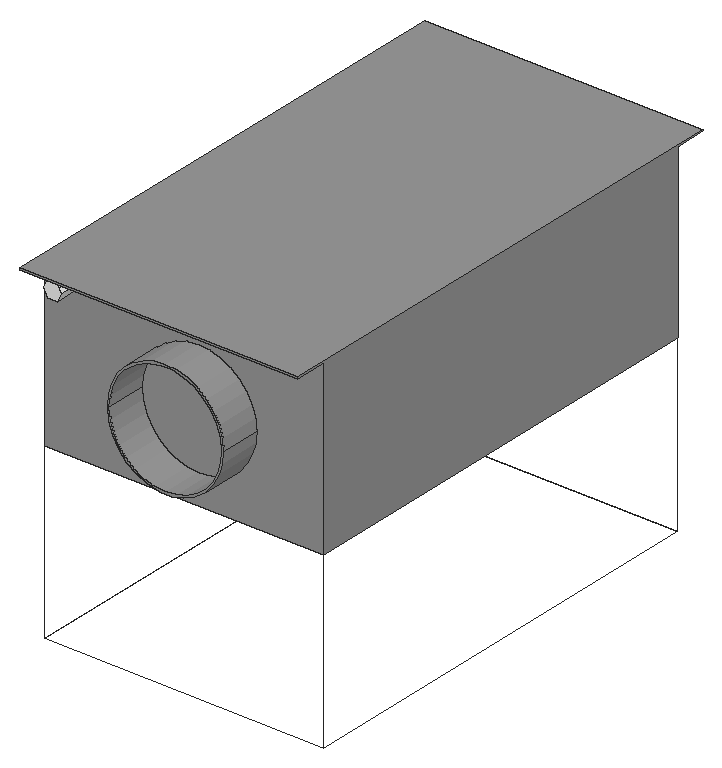
Revit family "Nuaire_IfcFanType_S2e", category Mechanical Equipment, Revit 2018
Family settings
  Round Connector Dimension = Use Diameter
  Part Type = Normal
  OmniClass Number = 23.75.00.00
  OmniClass Title = Climate Control (HVAC)
  Work Plane-Based = No
  Always vertical = Yes
  Cut with Voids When Loaded = No
  Shared = No
  Room Calculation Point = No
Parameters (values of type "S2E-125")
  spigot_offset_left = 164.5 mm
  spigot_offset_height = 93 mm
  spigot_length = 44 mm
  spigot_ID = Spigot Diameter - 4 mm  # 121 mm
  power_offset_top = 19.3 mm
  power_offset_left = 24.3 mm
  overall_bracket_length = 543 mm
  bracket_length = 104.711 mm
  Width = 299 mm
  Weight = 7.40 kg
  Weekly = Daily  # "e.g. SFG20 03-02"
  Warranty ID = ""
  Type Comments = ""
  Type = ""
  Supply Phase = 1  # constant formula
  Starting Current = 0.75 A
  Spigot Diameter = 125 mm
  Specific Fan Power at Design Duty [instance] = "0.0"
  Shape = ""
  Revit Family Last Revised = "2021-01-14T11:22:00"  # constant formula
  Responsible Sourcing of Materials = "FSC"  # constant formula
  Responsible Extraction of Materials = ""
  Reference Standard = "ISO 9001:2015"  # constant formula
  Quote Reference [instance] = ""
  Quarterly = Daily  # "e.g. SFG20 03-02"
  Project Reference [instance] = ""
  Product Range = "S2E"  # constant formula
  Product Literature = "https://www.nuaire.co.uk/documentstore/catalogue/Nuaire%20Squrbo%202%20Brochure.pdf"
  Power Source = "Mains"  # constant formula
  Order Reference [instance] = ""
  Operation and Maintenance Manual = "http://nuaire.info/IandM/671964.pdf"
  OmniClass Title = "Centrifugal Fans"  # constant formula
  OmniClass Number = "23-33 31 19 13"  # constant formula
  Number of Motor Poles = 2  # constant formula
  Number of Connection Poles = 2  # constant formula
  Nominal Motor Speed (rpm) = 3200
  Nominal Motor Rating = 0.083 kW
  Monthly = Daily  # "e.g. SFG20 03-02"
  Material Ingredient Reporting = ""
  Material = ""
  Manufacturer Website = "http://www.nuaire.co.uk"
  Maintenance Required 8001 to 12000hrs = "http://nuaire.info/IandM/671964.pdf"
  Maintenance Required 601 to 1000hrs = "http://nuaire.info/IandM/671964.pdf"
  Maintenance Required 4001 to 8000hrs = "http://nuaire.info/IandM/671964.pdf"
  Maintenance Required 301 to 600hrs = "http://nuaire.info/IandM/671964.pdf"
  Maintenance Required 2001 to 4000hrs = "http://nuaire.info/IandM/671964.pdf"
  Maintenance Required 1001 to 2000hrs = "http://nuaire.info/IandM/671964.pdf"
  Maintenance Required 0 to 300hrs = "http://nuaire.info/IandM/671964.pdf"
  Location of Manufacturer = "51.571856, -3.232638"  # constant formula
  Location Reference [instance] = ""
  Life Cycle Analysis = 0
  Length = 475 mm
  IFCExportType = "CENTRIFUGALBACKWARDINCLINEDCURVED"  # constant formula
  IFCExportAs = "IfcFanType"  # constant formula
  I&M Manual = "http://nuaire.info/IandM/671964.pdf"
  Height = 186 mm
  Green Guide for Specification = "n/a"  # constant formula
  Full Load Current = Starting Current  # 0.75 A
  Frequency = 50 Hz  # constant formula
  Fire Control Panel Links = no
  Finish = ""
  Features = "Lined top and bottom panel, EC backward curved blower, Class L2 Leakage, onboard controls for trickle/boost/purge, circular spigots, hanging brackets"  # constant formula
  External Static Pressure [instance] = 0.0 Pa
  Expected Life = ""
  Environmental Product Declaration = "WEEE, RoHS"  # constant formula
  Energy Technology List = "n/a"  # constant formula
  Enclosure Rating = "Not IP rated"  # constant formula
  Embodied Carbon = "n/a"  # constant formula
  Show Access Clearance [instance] = yes
  Voltage = 230 V  # constant formula
  Model Drawn by = "Michael Grote"  # constant formula
  Maximum Ambient Temperature = 40 °C  # constant formula
  Daily = "e.g. SFG20 03-02"
  Cost = 0
  Colour = ""
  Classification.Uniclass.Pr.Number = "Pr_65_67_29_12"  # constant formula
  Classification.Uniclass.Pr.Description = "Centrifugal Fans"  # constant formula
  Catalogue Pages = "https://www.nuaire.co.uk/documentstore/catalogue/Nuaire%20Squrbo%202%20Brochure.pdf"
  URL = "http://www.nuaire.co.uk"
  Weatherproof or Internal Only = "Internal"  # constant formula
  Manufacturer = "Nuaire"  # constant formula
  Description = "Inline Centrifugal Extract Fan"  # constant formula
  COBie.Type.WarrantyGuarantorParts = Manufacturer  # "Nuaire"
  COBie.Type.WarrantyGuarantorLabor = Manufacturer  # "Nuaire"
  COBie.Type.WarrantyDurationUnit = "Year"
  COBie.Type.WarrantyDurationParts = "2"
  COBie.Type.WarrantyDurationLabor = "1"
  COBie.Type.WarrantyDescription = "2 years. First year parts and labour, remianing year parts only."
  COBie.Type.SustainabilityPerformance = ""
  COBie.Type.Size = ""
  COBie.Type.Shape = ""
  COBie.Type.ReplacementCost = 0
  COBie.Type.NominalWidth = Width  # 299 mm
  COBie.Type.NominalLength = Length  # 475 mm
  COBie.Type.NominalHeight = Height  # 186 mm
  COBie.Type.Name = Model  # "S2E-125"
  COBie.Type.ModelReference = Model  # "S2E-125"
  COBie.Type.ModelNumber = Model  # "S2E-125"
  COBie.Type.Material = ""
  COBie.Type.Manufacturer = Manufacturer  # "Nuaire"
  COBie.Type.Grade = ""
  COBie.Type.Finish = ""
  COBie.Type.Features = ""
  COBie.Type.ExternalIdentifier = ""
  COBie.Type.ExpectedLife = ""
  COBie.Type.DurationUnit = "Years"
  COBie.Type.Description = Description  # "Inline Centrifugal Extract Fan"
  COBie.Type.CreatedOn = Revit Family Last Revised  # "2021-01-14T11:22:00"
  COBie.Type.CreatedBy = Model Drawn by  # "Michael Grote"
  COBie.Type.Constituents = ""
  COBie.Type.Color = ""
  COBie.Type.Category = Classification.Uniclass.Pr.Description  # "Centrifugal Fans"
  COBie.Type.AssetType = ""
  COBie.Type.Area = 0.00 m²
  COBie.Type.AccessibilityPerformance = ""
  COBie.Type = yes
  COBie.ExternalIdentifier [instance] = ""
  COBie.CreatedOn [instance] = Revit Family Last Revised  # "2021-01-14T11:22:00"
  COBie.CreatedBy [instance] = Model Drawn by  # "Michael Grote"
  COBie.Component.WarrantyStartDate [instance] = "Commences on date of delivery"
  COBie.Component.TagNumber [instance] = ""
  COBie.Component.Space [instance] = ""
  COBie.Component.SerialNumber [instance] = ""
  COBie.Component.Name [instance] = Model  # "S2E-125"
  COBie.Component.Length [instance] = Length  # 475 mm
  COBie.Component.InstallationDate [instance] = ""
  COBie.Component.Description [instance] = Description  # "Inline Centrifugal Extract Fan"
  COBie.Component.AssetIdentifier [instance] = ""
  COBie [instance] = yes
  CE Approval = "Yes"  # constant formula
  Bespoke Timeframe = "n/a"
  Battery Type = "n/a"  # constant formula
  Battery Supply = no
  BMS Links = yes
  Apparent Load = Voltage * Full Load Current  # 172.5 VA
  Annually = Daily  # "e.g. SFG20 03-02"
  Air Flow [instance] = 0.000 m³/s
  Address = "Western Industrial Estate, Caerphilly, UK"  # constant formula
  Postcode = "CF83 1NA"  # constant formula
  Telephone Number = "+44(0)2920-858-200"  # constant formula
  Fax Number = "+44(0)2920-858-222"  # constant formula
  Email Address = "info@nuaire.co.uk"
  VAT Registration Number = "877308"  # constant formula
  Model = "S2E-125"
  Access Clearance Bottom = Height  # 186 mm
  6 Monthly = Daily  # "e.g. SFG20 03-02"
Types (5, lengths in mm): name | spigot_offset_left | spigot_offset_height | spigot_length | spigot_ID | power_offset_top | power_offset_left | overall_bracket_length | Width | Weight | Starting Current | Spigot Diameter | Nominal Motor Speed (rpm) | Nominal Motor Rating | Length | Height | Full Load Current | COBie.Type.NominalWidth | COBie.Type.NominalLength | COBie.Type.NominalHeight | COBie.Type.Name | COBie.Type.ModelReference | COBie.Type.ModelNumber | COBie.Component.Name | COBie.Component.Length | Apparent Load | Model | Access Clearance Bottom
  (no name) | 164.5 | 93 | 44 | 121 | 19.3 | 24.3 | 543 | 299 | 7.40 kg | 0.75 A | 125 | 3200 | 0.083 kW | 475 | 186 | 0.75 A | 299 | 475 | 186 | "S2E-125" | "S2E-125" | "S2E-125" | "S2E-125" | 475 | 172.5 VA | "S2E-125" | 186
  S2E-125 | 164.5 | 93 | 44 | 121 | 19.3 | 24.3 | 543 | 299 | 7.40 kg | 0.75 A | 125 | 3200 | 0.083 kW | 475 | 186 | 0.75 A | 299 | 475 | 186 | "S2E-125" | "S2E-125" | "S2E-125" | "S2E-125" | 475 | 172.5 VA | "S2E-125" | 186
  S2E-150 | 164.5 | 93 | 44 | 146 | 19.3 | 24.3 | 543 | 299 | 7.40 kg | 0.9 A | 150 | 3635 | 0.115 kW | 475 | 186 | 0.9 A | 299 | 475 | 186 | "S2E-150" | "S2E-150" | "S2E-150" | "S2E-150" | 475 | 207 VA | "S2E-150" | 186
  S2E-200 | 189.5 | 117 | 45.3 | 196 | 32.3 | 24.3 | 648 | 339 | 9.80 kg | 1.35 A | 200 | 4120 | 0.169 kW | 577 | 234 | 1.35 A | 339 | 577 | 234 | "S2E-200" | "S2E-200" | "S2E-200" | "S2E-200" | 577 | 310.5 VA | "S2E-200" | 234
  S2E-250 | 219.5 | 144 | 46.5 | 246 | 32.3 | 24.6 | 750 | 409 | 13.20 kg | 1.4 A | 250 | 2519 | 0.170 kW | 677 | 288 | 1.4 A | 409 | 677 | 288 | "S2E-250" | "S2E-250" | "S2E-250" | "S2E-250" | 677 | 322 VA | "S2E-250" | 288
Reference planes
  plane 1 "Center (Front/Back)": y = 0
  plane 2: z = 0
  plane 3 "Center (Left/Right)": x = 0
  plane 4: x = 149.5
  plane 5: x = -149.5
  plane 6: y = 237.5
  plane 7: y = -237.5
  plane 8: z = 186
  plane 9: y = 271.5
  plane 10: y = -271.5
  plane 11: z = 184.5
  plane 12: y = 281.5
  plane 13: y = -281.5
  plane 14: z = 93
  plane 15: x = 15
  plane 16: z = 166.7
  plane 17: x = -125.2
  plane 18: z = -186
Forms (mm)
  Extrusion 1, solid, material "Steel, Galvanized"
    sketch origin (0, 0, 0) x (1, 0, 0) y (0, 0, 1)
      loop
        circle (15, 93) r 62.5
      loop
        circle (15, 93) r 60.5
    from -281.5 to -237.5
  Extrusion 2, solid, material "Steel, Galvanized"
    sketch origin (0, -315, 0) x (1, 0, 0) y (0, 0, 1)
      loop
        circle (15, 93) r 62.5
      loop
        circle (15, 93) r 60.5
    from -77.5 to -33.5
  Extrusion 3, solid, material "Steel, Galvanized"
    sketch origin (0, 0, 0) x (0, 1, 0) y (0, 0, 1)
      loop
        line (271.5, 186) -> (-271.5, 186) -> (-271.5, 184.5) -> (-237.5, 184.5) -> (-237.5, 0) -> (237.5, 0) -> (237.5, 184.5) -> (271.5, 184.5) -> (271.5, 186)
    from -149.5 to 149.5
  Extrusion 4, solid, material "Access Clearance - General", visible <- "Show Access Clearance"
    sketch origin (0, 0, 0) x (1, 0, 0) y (0, 1, 0)
      loop
        line (-149.5, 237.5) -> (-149.5, -237.5) -> (149.5, -237.5) -> (149.5, 237.5) -> (-149.5, 237.5)
    from 0 to -186
Dimensions and locks
  equal spacing: plane 5, plane 3 "Center (Left/Right)", plane 4
  "Width": plane 5 to plane 4
  equal spacing: plane 6, plane 1 "Center (Front/Back)", plane 7
  "Length": plane 6 to plane 7
  "Height": plane 8 to plane 2
  locked: plane 8 to plane 11 at 1.5
  "spigot_length": plane 12 to plane 6
  "spigot_length": plane 7 to plane 13
  "spigot_offset_height": plane 8 to plane 14
  "spigot_offset_left": plane 5 to plane 15
  "power_offset_top": plane 8 to plane 16
  "power_offset_left": plane 5 to plane 17
  "Access Clearance Bottom": plane 2 to plane 18
  equal spacing: plane 9, plane 1 "Center (Front/Back)", plane 10
  "overall_bracket_length": plane 9 to plane 10
  "spigot_ID": diameter of Extrusion 1 sketch curve
  "Spigot Diameter": diameter of Extrusion 1 sketch curve
  "spigot_ID": diameter of Extrusion 2 sketch curve
  "Spigot Diameter": diameter of Extrusion 2 sketch curve
  aligned and locked: level to plane 2
  aligned and locked: Extrusion 1 to plane 12
  aligned and locked: Extrusion 1 to plane 6
  aligned and locked: plane 13 to Extrusion 2
  aligned and locked: Extrusion 2 to plane 7
  aligned and locked: plane 8 to Extrusion 3 sketch curve
  aligned and locked: plane 9 to Extrusion 3 sketch curve
  aligned and locked: plane 11 to Extrusion 3 sketch curve  (x2)
  aligned and locked: plane 6 to Extrusion 3 sketch curve
  aligned and locked: plane 2 to Extrusion 3 sketch curve
  aligned and locked: Extrusion 3 sketch curve to plane 7
  aligned and locked: plane 10 to Extrusion 3 sketch curve
  aligned and locked: plane 5 to Extrusion 3
  aligned and locked: plane 4 to Extrusion 3
  aligned and locked: nested 1 to plane 17
  aligned and locked: plane 16 to nested 1
  aligned and locked: plane 7 to Extrusion 4
  aligned and locked: plane 6 to Extrusion 4
  aligned and locked: plane 4 to Extrusion 4
  aligned and locked: plane 5 to Extrusion 4
  aligned and locked: Extrusion 4 to plane 18
Automatic sketch dimensions
  Extrusion 4 sketch curve to plane 5 = 0 mm
  Extrusion 4 sketch curve to plane 4 = 0 mm
  plane 7 to Extrusion 4 sketch curve = 0 mm
  Extrusion 4 sketch curve to plane 6 = 0 mm
  Extrusion 1 sketch curve to Extrusion 1 sketch curve = 0 mm  (x2)
  Extrusion 1 sketch curve to plane 14 = 0 mm
  Extrusion 1 sketch curve to plane 15 = 0 mm
  Extrusion 2 sketch curve to Extrusion 2 sketch curve = 0 mm  (x2)
  Extrusion 2 sketch curve to plane 14 = 0 mm
  Extrusion 2 sketch curve to plane 15 = 0 mm
Nested families
  nested 1: "pipe_face_based" at (-125.2, -237.5, 166.7) x (0, 0, 1) z (0, -1, 0), type "pipe_face_based"
    with Pipe Radius 10 mm, Pipe Length 20 mm, Pipe Diameter 20 mm
Connectors
  hvac at (15, -237.5, 93), driven by "Air Flow", driven by "Spigot Diameter"
    settings: on Extrusion 2, index 1, duct flow 0.000 m³/s, flow factor 0, pres drop 0.0 Pa, loss coef 0, conn angle 0.00°, conn width 304.8 mm, conn height 304.8 mm, conn diameter 125 mm, duct sys type 3, conn prof type 0, flow config 1, flow direction 2, loss method 0, conn ref index -1, conn util no, is conn primary yes, conn desc "Discharge to Atmosphere"
  hvac at (15, 237.5, 93), driven by "Air Flow", driven by "Spigot Diameter"
    settings: on Extrusion 1, index 2, duct flow 0.000 m³/s, flow factor 0, pres drop 0.0 Pa, loss coef 0, conn angle 0.00°, conn width 304.8 mm, conn height 304.8 mm, conn diameter 125 mm, duct sys type 3, conn prof type 0, flow config 0, flow direction 1, loss method 0, conn ref index -1, conn util no, is conn primary no, conn desc "Extract from Room"
  electrical at (-125.2, -257.5, 166.7), driven by "Number of Connection Poles", driven by "Voltage", driven by "Apparent Load"
    settings: on nested 1, index 3, voltage 230 V, apparent load 172.5 VA, apparent load phase1 0 VA, apparent load phase2 0 VA, apparent load phase3 0 VA, power factor 1, load classification "Other", number of poles 2, system type 30, power factor state 1, is connector primary yes, connector utility no, sub classification motor no, connector description "Power Supply - fly lead supplied"
Definition of nested family "pipe_face_based"
  Parameters (values of type "pipe_face_based")
    Pipe Radius [instance] = Pipe Diameter / 2  # 12.5 mm
    Pipe Length [instance] = Pipe Diameter  # 25 mm
    Pipe Diameter [instance] = 25 mm
    Default Elevation = 1219.2 mm
  Reference planes
    plane 1 "Center (Front/Back)": y = 0
    plane 2: z = 0
    plane 3 "Center (Left/Right)": x = 0
  Forms (mm)
    Extrusion 1, solid
      sketch origin (0, 0, 0) x (1, 0, 0) y (0, 1, 0)
        loop
          line (-1219.2, 1219.2) -> (-1219.2, -1219.2) -> (1219.2, -1219.2) -> (1219.2, 1219.2) -> (-1219.2, 1219.2)
      from 0 to -304.8
    Extrusion 2, solid
      sketch origin (0, 0, 0) x (1, 0, 0) y (0, 1, 0)
        loop
          line (0, 10) -> (-8.66, 5) -> (-8.66, -5) -> (0, -10) -> (8.66, -5) -> (8.66, 5) -> (0, 10)
      from 0 to 25
  Dimensions and locks
    "Pipe Length": Extrusion 2 to level
    aligned and locked: plane 2 to Extrusion 1
    aligned and locked: level to Extrusion 1
  Automatic sketch dimensions
    Extrusion 1 sketch curve to Extrusion 1 sketch curve = 2438.4 mm  (x2)
